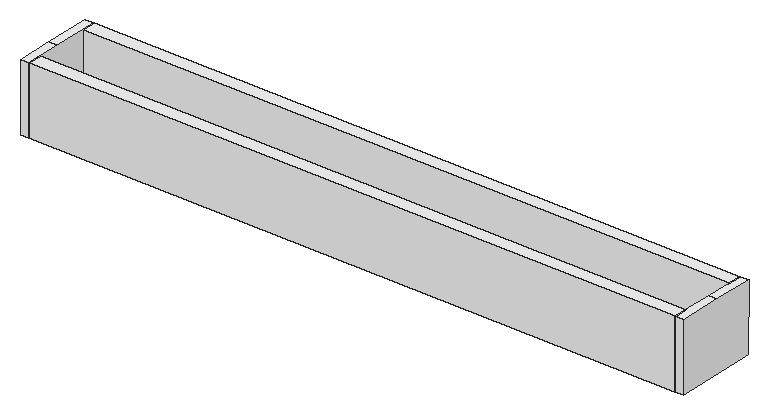
Revit family "70L-R-D", category Lighting Fixtures, host Face, Revit 2021
Family settings
  Host = Face
  Round Connector Dimension = Use Diameter
  Part Type = Normal
  OmniClass Number = 23.80.70.14.21
  OmniClass Title = Street and Roadway Lighting
  Cut with Voids When Loaded = No
  Light Source = Yes
  Shared = Yes
  Room Calculation Point = No
Parameters (values of type "70L-R-D-02")
  zz Length 1 = 24.000"
  Watts = 25 W
  Wattage Comments = ""
  Wattage = 106.5 W
  built-in parameter 1150110 = 1 (stored number, unit not read)
  Voltage = 120 V
  URL = "https://www.currentlighting.com/litecontrol"
  Type Comments = "Lighting Fixtures"  # constant formula
  built-in parameter 1114217 = 1 (stored number, unit not read)
  Tilt Angle = -90.00°  # constant formula
  built-in parameter 1150109 = 1 (stored number, unit not read)
  built-in parameter 1150134 = (empty or 0)
  built-in parameter 1150113 = 1 (stored number, unit not read)
  Product Page URL = ""
  Product Material = White
  Product Documentation Link = ""
  Power Factor = 1
  Photometric Web Link = ""
  Photometric Web File = "70L-X-D-4-CX-35K-D030-ECC.ies"
  Photometric Note = "More Photometric Web Files dowload in the Web link"  # constant formula
  Model = "Nelo 70L"  # constant formula
  Manufacturer = "LITECONTROL"  # constant formula
  built-in parameter 1150105 = -5126353.4 (stored number, unit not read)
  Lumens = 12247.5 lm
  built-in parameter 1150115 = 1 (stored number, unit not read)
  Load Classification = Lighting
  built-in parameter 1150137 = (empty or 0)
  built-in parameter 1150139 = (empty or 0)
  built-in parameter 1150112 = 1 (stored number, unit not read)
  built-in parameter 1150114 = 1 (stored number, unit not read)
  Lamp = "LED"  # constant formula
  built-in parameter 1150132 = (empty or 0)
  built-in parameter 1150102 = (empty or 0)
  built-in parameter 1150107 = 3107 (stored number, unit not read)
  built-in parameter 1150138 = (empty or 0)
  built-in parameter 1150106 = -51263.5 (stored number, unit not read)
  Glass = Glass - White
  Features = " Variable Intensity technology provides a range of specifiable outputs and \r\nresulting fixture wattages\r\n•  1200 lumens max. See performance data table on page 4 for additional \r\ninformation\r\n•  80 & 90 CRI (30, 35, 40K); Warm Dim (30-22K), Tunable White (27-65K & 27-50K)"  # constant formula
  Emit from Line Length = zz Length 1 - 1.000"  # 23.000"
  built-in parameter 1150104 = 10.684 (stored number, unit not read)
  Dimming Lamp Color Temperature Shift = <None>
  Description = "Open Aperture Recessed Direct"  # constant formula
  Default Elevation = 48.000"
  Contact Us = ""
  Color Filter = 16777215
  built-in parameter 1114218 = 1 (stored number, unit not read)
  built-in parameter 1150133 = 10 (stored number, unit not read)
  Assembly Code = "D5020200"
  Apparent Load = Watts / Power Factor  # 25 VA
Types (7): name | zz Length 1 | Emit from Line Length
  (no name) | 24.000" | 23.000"
  70L-R-D-02 | 24.000" | 23.000"
  70L-R-D-03 | 36.000" | 35.000"
  70L-R-D-04 | 48.000" | 47.000"
  70L-R-D-05 | 60.000" | 59.000"
  70L-R-D-06 | 72.000" | 71.000"
  70L-R-D-08 | 96.000" | 95.000"
Reference planes (in)
  plane 1 "Center (Front/Back)": y = 0
  plane 2: z = 0
  plane 3 "Center (Left/Right)": x = 0
  plane 4: x = 12
  plane 5: x = -12
  plane 6: y = -1.5
  plane 7: y = 1.5
  plane 8: z = 13.75
  plane 9: x = 12.313
  plane 10: x = -12.313
  plane 11: x = -11
  plane 12: x = 11
Forms (in)
  Extrusion 1, solid, material "White" <- "Product Material"
    sketch origin (0, 0, -13.625) x (0, 1, 0) y (0, 0, 1)
      loop
        line (1.5, 13.75) -> (1, 13.75) -> (1, 12) -> (0, 12) -> (-1, 12) -> (-1, 13.75) -> (-1.5, 13.75) -> (-1.5, 11.25) -> (1.5, 11.25) -> (1.5, 13.75)
    from -12 to 12
  Extrusion 2, solid, material "White" <- "Product Material"
    sketch origin (0, 0, -13.625) x (0, 1, 0) y (0, 0, 1)
      loop
        line (-1.5, 13.75) -> (-1.5, 11.25) -> (1.5, 11.25) -> (1.5, 13.75) -> (0.06039, 13.75) -> (-1.5, 13.75)
    from 12 to 12.313
  Extrusion 3, solid, material "White" <- "Product Material"
    sketch origin (0, 0, -13.625) x (0, 1, 0) y (0, 0, -1)
      loop
        line (-1.5, -13.75) -> (-0.15742, -13.75) -> (1.5, -13.75) -> (1.5, -11.25) -> (-1.5, -11.25) -> (-1.5, -13.75)
    from 12 to 12.313
Dimensions and locks (in)
  "zz Length 1": plane 4 to plane 5
  equal spacing: plane 4, plane 3 "Center (Left/Right)", plane 5
  locked: plane 4 to plane 12 at 1
  locked: plane 9 to plane 4 at 0.313
  locked: plane 11 to plane 5 at 1
  locked: plane 5 to plane 10 at 0.313
  aligned and locked: plane 2 to host face
  aligned and locked: level to host face
  aligned and locked: Extrusion 1 to plane 5
  aligned and locked: plane 4 to Extrusion 1
  aligned and locked: plane 9 to Extrusion 2
  aligned and locked: Extrusion 2 to plane 4
  aligned and locked: Extrusion 3 to plane 10
  aligned and locked: plane 5 to Extrusion 3
Automatic sketch dimensions
  host sketch curve to host sketch curve = 96.000"  (x2)
  Extrusion 1 sketch curve to plane 6 = 0.000"
  Extrusion 1 sketch curve to plane 8 = 13.625"  (x2)
  Extrusion 1 sketch curve to plane 1 "Center (Front/Back)" = 0.000"
  Extrusion 1 sketch curve to plane 7 = 0.000"
  Extrusion 1 sketch curve to plane 6 = 0.500"
  plane 7 to Extrusion 1 sketch curve = 0.500"
  Extrusion 1 sketch curve to plane 8 = 15.375"
  Extrusion 1 sketch curve to Extrusion 1 sketch curve = 0.750"
  Extrusion 3 sketch curve to plane 6 = 0.000"
  Extrusion 3 sketch curve to plane 7 = 0.000"
  Extrusion 3 sketch curve to level = 2.375"
  Extrusion 2 sketch curve to plane 6 = 0.000"
  Extrusion 2 sketch curve to plane 7 = 0.000"
  Extrusion 2 sketch curve to level = 2.375"
  level to Extrusion 2 sketch curve = 0.125"
  Extrusion 2 sketch curve to Extrusion 2 sketch curve = 1.43961"
  level to Extrusion 3 sketch curve = 0.125"
  Extrusion 3 sketch curve to plane 6 = 1.34258"
Connectors (in)
  electrical at (0, 0, -2.375), driven by "Apparent Load", driven by "Voltage"
    settings: on Extrusion 1, index 1, voltage 120 V, apparent load 25 VA, apparent load phase1 0 VA, apparent load phase2 0 VA, apparent load phase3 0 VA, power factor 1, load classification "Other", number of poles 1, system type 30, power factor state 1, is connector primary yes, connector utility no, sub classification motor no, connector description "Lighting Connector"
